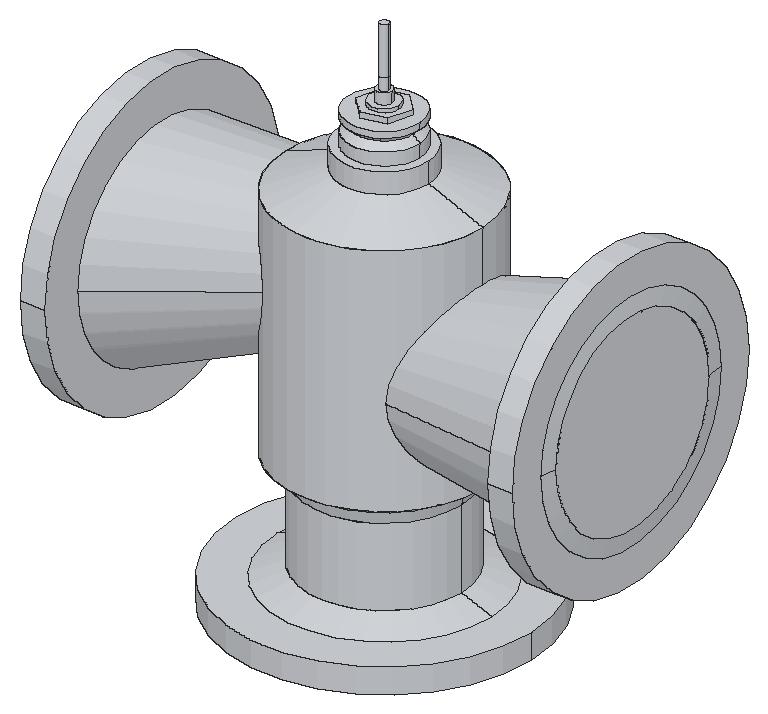
Revit family "3FGB_PN16_DN150_RFA_2018", category Pipe Accessories, Revit 2018
Family settings
  Round Connector Dimension = Use Diameter
  Part Type = Valve - Breaks Into
  Work Plane-Based = No
  Always vertical = Yes
  Cut with Voids When Loaded = No
  Shared = No
Parameters (values of type "3FGB PN16 DN150")
  magiProductId = ""
  magiProductFamilyId = ""
  magiPartTypeId = 320
  isMeasuringValve [instance] = no
  ang2D [instance] = 0.00°
  Z9 = 4.2 mm
  Z8 = 5.7 mm
  Z7 = 3 mm
  Z6 = 6 mm
  Z5 = 6 mm
  Z4 = 12 mm
  Z3 = 225.85 mm
  Z19 = 9.9 mm
  Z18 = 29.25 mm
  Z17 = 4.5 mm
  Z16 = 11.25 mm
  Z15 = 54.95 mm
  Z14__ve = -Z14  # -19.625 mm
  Z14 = 19.625 mm
  Z13 = 10.81 mm
  Z12 = 75.67 mm
  Z11 = 96 mm
  Z10 = 5.1 mm
  Y1 = 85.68 mm
  X4 = 23.8 mm
  X3 = 38.08 mm
  X2__ve = -X2  # -23.8 mm
  X2 = 23.8 mm
  X1 = 2 mm
  W2D = 150 mm
  VersionID = ""
  Use Minimum Symbol Size [instance] = no
  URL = "www.hydronix.cz"
  Type Comments = "Přírubový; EQM charakteristika ve směru A-AB; PN16; -10~+150°C"
  R9 = 4 mm
  R8 = 10.41 mm
  R7 = 13.88 mm
  R6 = 23.134 mm
  R5 = 27.418 mm
  R4 = 34.272 mm
  R3 = 42.84 mm
  R2 = 77.625 mm
  R13 = 74.52 mm
  R12 = 7.287 mm
  R11 = 14.054 mm
  R10 = 9.369 mm
  R1 = 62.1 mm
  QmdConnectorList = "301;D;302;D;303;D"
  Productdata [instance] = ""
  N = 8
  Manufacturer = "Hydronix"
  Maintenance Zone Under Depth [instance] = 277 mm
  Maintenance Zone Right Depth [instance] = 240 mm
  Maintenance Zone Over Depth [instance] = 262 mm
  Maintenance Zone Left Depth [instance] = 240 mm
  Maintenance Zone Front Depth [instance] = 142.5 mm
  Maintenance Zone Back Depth [instance] = 142.5 mm
  Maintenance Zone Front Visibility [instance] = no
  MT = 2
  MC Product Code = "3FGB150 (DN150; PN16; kvs300)"
  MC = yes
  LT2 = 240 mm
  L2D_Min = 30.48 mm
  L2D = 480 mm
  L = 480 mm
  HD = 22 mm
  HCDT2 = 103.5 mm
  HCD = 240 mm
  H4 = 240 mm
  H3 = 157 mm
  H2 = 45 mm
  H1 = 217 mm
  FDT2 = 142.5 mm
  FD = 285 mm
  Description = "3 cestný regulační ventil přírubový; DN150; PN16; kvs300; zdvih 45mm"
  DT2 = 75 mm
  D4 = 92.65 mm
  D3 = 109 mm
  D2 = 95.2 mm
  D = 150 mm
  CenSd_R6_6 = R6 * cos(30.00°)  # 20.034 mm
  Clearance Zone Height Depth [instance] = 262 mm
  Clearance Zone Circular Radius [instance] = 240 mm
  Clearance Zone Visibility [instance] = no
  CAT0 = yes
  CAT = no
  Assembly Code = ""
  A1 = 180.68 mm
Types (5, lengths in mm): name | Z9 | Z8 | Z6 | Z5 | Z4 | Z3 | Z19 | Z18 | Z17 | Z16 | Z15 | Z14__ve | Z14 | Z13 | Z12 | Z11 | Z10 | Y1 | X4 | X3 | X2__ve | X2 | W2D | R8 | R7 | R6 | R5 | R4 | R3 | R2 | R13 | R12 | R11 | R10 | R1 | N | Maintenance Zone Under Depth | Maintenance Zone Right Depth | Maintenance Zone Over Depth | Maintenance Zone Left Depth | Maintenance Zone Front Depth | Maintenance Zone Back Depth | MC Product Code | LT2 | L2D | L | HD | HCDT2 | HCD | H4 | H3 | H2 | H1 | FDT2 | FD | Description | DT2 | D4 | D3 | D2 | D | CenSd_R6_6 | Clearance Zone Height Depth | Clearance Zone Circular Radius | A1
  3FGB PN16 DN100 | 4.165 | 5.602 | 5.95 | 5.95 | 11.9 | 166.225 | 9.767 | 29.25 | 4.5 | 11.25 | 40.775 | -14.562 | 14.562 | 7.885 | 55.195 | 72 | 5.082 | 62.28 | 17.3 | 27.68 | -17.3 | 17.3 | 100 | 7.567 | 10.089 | 16.816 | 19.93 | 24.912 | 31.14 | 57.375 | 55.08 | 5.297 | 10.215 | 6.81 | 45.9 | 8 | 207 | 175 | 221 | 175 | 110 | 110 | "3FGB100 (DN100; PN16; kvs130)" | 175 | 350 | 350 | 18 | 76.5 | 180 | 175 | 116.5 | 45 | 176 | 110 | 220 | "3 cestný regulační ventil přírubový; DN100; PN16; kvs130; zdvih 45mm" | 50 | 68.85 | 81 | 69.2 | 100 | 14.563 | 221 | 175 | 132.98
  3FGB PN16 DN125 | 4.2 | 5.7 | 6 | 6 | 12 | 194.35 | 9.9 | 29.25 | 4.5 | 11.25 | 48.65 | -17.375 | 17.375 | 9.01 | 63.07 | 84 | 5.1 | 71.28 | 19.8 | 31.68 | -19.8 | 19.8 | 125 | 8.661 | 11.547 | 19.246 | 22.81 | 28.512 | 35.64 | 68.625 | 65.88 | 6.062 | 11.692 | 7.794 | 54.9 | 8 | 234 | 200 | 244 | 200 | 125 | 125 | "3FGB125 (DN125; PN16; kvs200)" | 200 | 400 | 400 | 18 | 91.5 | 210 | 200 | 139 | 45 | 199 | 125 | 250 | "3 cestný regulační ventil přírubový; DN125; PN16; kvs200; zdvih 45mm" | 62.5 | 81.6 | 96 | 79.2 | 125 | 16.667 | 244 | 200 | 155.48
  3FGB PN16 DN150 | 4.2 | 5.7 | 6 | 6 | 12 | 225.85 | 9.9 | 29.25 | 4.5 | 11.25 | 54.95 | -19.625 | 19.625 | 10.81 | 75.67 | 96 | 5.1 | 85.68 | 23.8 | 38.08 | -23.8 | 23.8 | 150 | 10.41 | 13.88 | 23.134 | 27.418 | 34.272 | 42.84 | 77.625 | 74.52 | 7.287 | 14.054 | 9.369 | 62.1 | 8 | 277 | 240 | 262 | 240 | 142.5 | 142.5 | "3FGB150 (DN150; PN16; kvs300)" | 240 | 480 | 480 | 22 | 103.5 | 240 | 240 | 157 | 45 | 217 | 142.5 | 285 | "3 cestný regulační ventil přírubový; DN150; PN16; kvs300; zdvih 45mm" | 75 | 92.65 | 109 | 95.2 | 150 | 20.034 | 262 | 240 | 180.68
  3FGB PN16 DN065 | 4.2 | 5.7 | 6 | 6 | 12 | 136.6 | 9.9 | 16.25 | 2.5 | 6.25 | 33.25 | -11.875 | 11.875 | 6.535 | 45.745 | 58 | 5.1 | 51.48 | 14.3 | 22.88 | -14.3 | 14.3 | 65 | 6.255 | 8.34 | 13.9 | 16.474 | 20.592 | 25.74 | 44.25 | 42.48 | 4.378 | 8.444 | 5.629 | 35.4 | 4 | 175 | 145 | 180 | 145 | 92.5 | 92.5 | "3FGB65 (DN65; PN16; kvs63)" | 145 | 290 | 290 | 18 | 59 | 145 | 145 | 95 | 25 | 155 | 92.5 | 185 | "3 cestný regulační ventil přírubový; DN65; PN16; kvs63; zdvih 25mm" | 32.5 | 53.975 | 63.5 | 57.2 | 65 | 12.037 | 180 | 145 | 109.28
  3FGB PN16 DN080 | 4.2 | 5.7 | 6 | 6 | 12 | 148.6 | 9.9 | 29.25 | 4.5 | 11.25 | 36.75 | -13.125 | 13.125 | 6.985 | 48.895 | 64 | 5.1 | 55.08 | 15.3 | 24.48 | -15.3 | 15.3 | 80 | 6.692 | 8.923 | 14.872 | 17.626 | 22.032 | 27.54 | 49.875 | 47.88 | 4.685 | 9.034 | 6.023 | 39.9 | 4 | 187 | 155 | 210 | 155 | 100 | 100 | "3FGB80 (DN80; PN16; kvs100)" | 155 | 310 | 310 | 18 | 66.5 | 160 | 155 | 105 | 45 | 165 | 100 | 200 | "3 cestný regulační ventil přírubový; DN80; PN16; kvs100; zdvih 45mm" | 40 | 60.35 | 71 | 61.2 | 80 | 12.879 | 210 | 155 | 118.88
Reference planes
  plane 1 "Center (Front/Back)": y = 0
  plane 2 "XYPLANE": z = 0
  plane 3 "Center (Left/Right)": x = 0
  plane 4 "227": z = -277
  plane 5 "226": y = 142.5
  plane 6 "225": y = -142.5
  plane 7 "224": x = 240
  plane 8 "223": x = -240
  plane 9 "222": z = 262
  plane 10 "182": z = 217
  plane 11 "161": z = 205
  plane 12 "158": z = 199.3
  plane 13 "150": z = 195.1
  plane 14 "148": z = 192.1
  plane 15 "142": z = 187
  plane 16 "136": z = 181
  plane 17 "135": z = 175
  plane 18 "131": z = 169
  plane 19 "78": z = 117.75
  plane 20 "77": z = 137.375
  plane 21 "74": z = 157
  plane 22 "70": z = -108.1
  plane 23 "65": z = -118.91
  plane 24 "64": z = -129.72
  plane 25 "58": z = -205.39
  plane 26 "57": z = -216.2
  plane 27 "46": z = -240
  plane 28 "28": x = 214.2
  plane 29 "27": x = 238
  plane 30 "21": z = -20
  plane 31 "16": z = 54.95
  plane 32 "13": x = -214.2
  plane 33 "7": x = -238
  plane 34 "6": x = 240
  plane 35 "5": x = -240
  plane 36 "3": y = 0
  plane 37 "2": z = 0
  plane 38 "1": x = 0
Forms (mm)
  Extrusion 1, solid, visible <- "Clearance Zone Visibility"
    sketch origin (-750, 0, 0) x (1, 0, 0) y (0, 1, 0)
      loop
        circle (750, 0) r 240
    from 0 to 262 <- "Clearance Zone Height Depth"
  Blend 2, solid, visible <- "Maintenance Zone Front Visibility"
    base sketch origin (-750, 0, 262) x (1, 0, 0) y (0, 1, 0)
      loop
        line (510, 142.5) -> (510, -142.5) -> (990, -142.5) -> (990, 142.5) -> (510, 142.5)
    top sketch origin (-750, 0, 262) x (1, 0, 0) y (0, 1, 0)
      loop
        line (510, 142.5) -> (510, -142.5) -> (990, -142.5) -> (990, 142.5) -> (510, 142.5)
    from 0 to -539
  Extrusion 3, solid
    sketch origin (-750, 0, 195.1) x (1, 0, 0) y (0, 1, 0)
      loop
        circle (750, 0) r 7.287
    from 0 to 9.9 <- "Z19"
  Extrusion 4, solid
    sketch origin (-750, 0, 217) x (1, 0, 0) y (0, 1, 0)
      loop
        circle (750, 0) r 4
    from 0 to 45 <- "H2"
  Extrusion 5, solid
    sketch origin (-750, 0, 205) x (1, 0, 0) y (0, 1, 0)
      loop
        circle (750, 0) r 4
    from 0 to 12 <- "Z4"
  Extrusion 6, solid
    sketch origin (-750, 0, 192.1) x (1, 0, 0) y (0, 1, 0)
      loop
        circle (750, 0) r 13.88
    from 0 to 3 <- "Z7"
  Extrusion 7, solid
    sketch origin (-750, 0, 187) x (1, 0, 0) y (0, 1, 0)
      loop
        line (766.358, -16.358) -> (772.345, 5.987) -> (755.987, 22.345) -> (733.642, 16.358) -> (727.655, -5.987) -> (744.013, -22.345) -> (766.358, -16.358)
    from 0 to 5.1 <- "Z10"
  Extrusion 8, solid
    sketch origin (-750, 0, 181) x (1, 0, 0) y (0, 1, 0)
      loop
        circle (750, 0) r 34.272
    from 0 to 6 <- "Z6"
  Blend 9, solid
    base sketch origin (-750, 0, 175) x (1, 0, 0) y (0, 1, 0)
      loop
        circle (750, 0) r 27.418
    top sketch origin (-750, 0, 175) x (1, 0, 0) y (0, 1, 0)
      loop
        circle (750, 0) r 34.272
    from 0 to 6
  Blend 10, solid
    base sketch origin (-750, 0, 169) x (1, 0, 0) y (0, 1, 0)
      loop
        circle (750, 0) r 34.272
    top sketch origin (-750, 0, 169) x (1, 0, 0) y (0, 1, 0)
      loop
        circle (750, 0) r 27.418
    from 0 to 6
  Extrusion 11, solid
    sketch origin (-750, 0, 157) x (1, 0, 0) y (0, 1, 0)
      loop
        circle (750, 0) r 34.272
    from 0 to 12 <- "Z4"
  Extrusion 12, solid
    sketch origin (-750, 0, 157) x (1, 0, 0) y (0, 1, 0)
      loop
        circle (750, 0) r 42.84
    from 0 to -19.625 <- "Z14__ve"
  Blend 13, solid
    base sketch origin (-750, 0, 117.75) x (1, 0, 0) y (0, 1, 0)
      loop
        circle (750, 0) r 95.2
    top sketch origin (-750, 0, 117.75) x (1, 0, 0) y (0, 1, 0)
      loop
        circle (750, 0) r 42.84
    from 0 to 19.625
  Blend 14, solid
    base sketch origin (-750, 0, -118.91) x (1, 0, 0) y (0, 1, 0)
      loop
        circle (750, 0) r 77.625
    top sketch origin (-750, 0, -118.91) x (1, 0, 0) y (0, 1, 0)
      loop
        circle (750, 0) r 95.2
    from 0 to 10.81
  Blend 15, solid
    base sketch origin (-750, 0, -129.72) x (1, 0, 0) y (0, 1, 0)
      loop
        circle (750, 0) r 74.52
    top sketch origin (-750, 0, -129.72) x (1, 0, 0) y (0, 1, 0)
      loop
        circle (750, 0) r 77.625
    from 0 to 10.81
  Extrusion 16, solid
    sketch origin (-750, 0, -205.39) x (1, 0, 0) y (0, 1, 0)
      loop
        circle (750, 0) r 74.52
    from 0 to 75.67 <- "Z12"
  Blend 17, solid
    base sketch origin (-750, 0, -216.2) x (1, 0, 0) y (0, 1, 0)
      loop
        circle (750, 0) r 103.5
    top sketch origin (-750, 0, -216.2) x (1, 0, 0) y (0, 1, 0)
      loop
        circle (750, 0) r 74.52
    from 0 to 10.81
  Extrusion 18, solid
    sketch origin (-750, 0, -240) x (1, 0, 0) y (0, 1, 0)
      loop
        circle (750, 0) r 142.5
    from 0 to 23.8 <- "X4"
  Blend 19, solid
    base sketch origin (238, -750, 0) x (0, 1, 0) y (0, 0, 1)
      loop
        circle (750, 0) r 109
    top sketch origin (238, -750, 0) x (0, 1, 0) y (0, 0, 1)
      loop
        circle (750, 0) r 92.65
    from 0 to 2
  Blend 20, solid
    base sketch origin (-240, -750, 0) x (0, 1, 0) y (0, 0, 1)
      loop
        circle (750, 0) r 92.65
    top sketch origin (-240, -750, 0) x (0, 1, 0) y (0, 0, 1)
      loop
        circle (750, 0) r 109
    from 0 to 2
  Extrusion 21, solid
    sketch origin (238, -750, 0) x (0, 1, 0) y (0, 0, 1)
      loop
        circle (750, 0) r 142.5
    from 0 to -23.8 <- "X2__ve"
  Blend 22, solid
    base sketch origin (0, -750, 0) x (0, 1, 0) y (0, 0, 1)
      loop
        circle (750, -20) r 62.1
    top sketch origin (0, -750, 0) x (0, 1, 0) y (0, 0, 1)
      loop
        circle (750, 0) r 103.5
    from 0 to 214.2
  Extrusion 23, solid
    sketch origin (-750, 0, -108.1) x (1, 0, 0) y (0, 1, 0)
      loop
        circle (750, 0) r 95.2
    from 0 to 225.85 <- "Z3"
  Blend 24, solid
    base sketch origin (-214.2, -750, 0) x (0, 1, 0) y (0, 0, 1)
      loop
        circle (750, 0) r 103.5
    top sketch origin (-214.2, -750, 0) x (0, 1, 0) y (0, 0, 1)
      loop
        circle (750, 54.95) r 62.1
    from 0 to 214.2
  Extrusion 25, solid
    sketch origin (-238, -750, 0) x (0, 1, 0) y (0, 0, 1)
      loop
        circle (750, 0) r 142.5
    from 0 to 23.8 <- "X2"
  Extrusion 26, solid, not visible
    sketch origin (-750, 0, -240) x (1, 0, 0) y (0, 1, 0)
      loop
        circle (750, 0) r 10
    from 0 to 10
  Extrusion 27, solid, not visible
    sketch origin (240, -750, 0) x (0, 1, 0) y (0, 0, 1)
      loop
        circle (750, 0) r 10
    from 0 to -10
  Extrusion 28, solid, not visible
    sketch origin (-240, -750, 0) x (0, 1, 0) y (0, 0, 1)
      loop
        circle (750, 0) r 10
    from 0 to 10
Lines and regions (mm)
  reference lines, not visible
    curve 1: circle (2, 2, 0) r 1 normal (0, 0, 1)
  reference lines
    curve 2: line (0, 0, 187) -> (2.176, 8.121, 187)
    curve 3: line (0, 0, 187) -> (-5.945, 5.945, 187)
    curve 4: line (0, 0, 187) -> (-8.121, -2.176, 187)
Dimensions and locks
  plane 1 "Center (Front/Back)" to curve 1 = 2 mm
  "Maintenance Zone Under Depth": plane 2 "XYPLANE" to plane 4 "227"
  "Maintenance Zone Back Depth": plane 1 "Center (Front/Back)" to plane 5 "226"
  "Maintenance Zone Front Depth": plane 1 "Center (Front/Back)" to plane 6 "225"
  "Maintenance Zone Right Depth": plane 3 "Center (Left/Right)" to plane 7 "224"
  "Maintenance Zone Left Depth": plane 3 "Center (Left/Right)" to plane 8 "223"
  "Maintenance Zone Over Depth": plane 2 "XYPLANE" to plane 9 "222"
  "Z4": plane 11 "161" to plane 10 "182"
  "Z8": plane 12 "158" to plane 11 "161"
  "Z9": plane 13 "150" to plane 12 "158"
  "Z7": plane 14 "148" to plane 13 "150"
  "Z10": plane 15 "142" to plane 14 "148"
  "Z6": plane 16 "136" to plane 15 "142"
  "Z5": plane 17 "135" to plane 16 "136"
  "Z5": plane 18 "131" to plane 17 "135"
  "Z4": plane 21 "74" to plane 18 "131"
  "Z14": plane 20 "77" to plane 19 "78"
  "Z14": plane 21 "74" to plane 20 "77"
  "H3": plane 2 "XYPLANE" to plane 21 "74"
  "Z13": plane 23 "65" to plane 22 "70"
  "Z13": plane 24 "64" to plane 23 "65"
  "Z12": plane 25 "58" to plane 24 "64"
  "Z13": plane 26 "57" to plane 25 "58"
  "X4": plane 27 "46" to plane 26 "57"
  "H4": plane 2 "XYPLANE" to plane 27 "46"
  "X2": plane 29 "27" to plane 28 "28"
  "X1": plane 34 "6" to plane 29 "27"
  locked: plane 37 "2" to plane 30 "21" at 20
  "Z15": plane 37 "2" to plane 31 "16"
  "X2": plane 33 "7" to plane 32 "13"
  "X1": plane 35 "5" to plane 33 "7"
  "LT2": plane 3 "Center (Left/Right)" to plane 34 "6"
  "LT2": plane 3 "Center (Left/Right)" to plane 35 "5"
  locked: plane 1 "Center (Front/Back)" to plane 36 "3"
  locked: plane 2 "XYPLANE" to plane 37 "2"
  locked: plane 3 "Center (Left/Right)" to plane 38 "1"
  Blend 2 sketch curve to Blend 2 sketch curve = 0 mm  (x16)
  "CenSd_R6_6": curve 2 to Extrusion 7 sketch curve  (x2)
  "CenSd_R6_6": curve 3 to Extrusion 7 sketch curve  (x2)
  "CenSd_R6_6": curve 4 to Extrusion 7 sketch curve  (x2)
  Extrusion 7 sketch curve to Extrusion 7 sketch curve = 0 mm  (x12)
  "Clearance Zone Circular Radius": radius of Extrusion 1 sketch curve
  "R12": radius of Extrusion 3 sketch curve
  "R9": radius of Extrusion 4 sketch curve
  "R9": radius of Extrusion 5 sketch curve
  "R7": radius of Extrusion 6 sketch curve
  "R4": radius of Extrusion 8 sketch curve
  "R4": radius of Blend 9 sketch curve
  "R5": radius of Blend 9 sketch curve
  "R5": radius of Blend 10 sketch curve
  "R4": radius of Blend 10 sketch curve
  "R4": radius of Extrusion 11 sketch curve
  "R3": radius of Extrusion 12 sketch curve
  "R3": radius of Blend 13 sketch curve
  "D2": radius of Blend 13 sketch curve
  "D2": radius of Blend 14 sketch curve
  "R2": radius of Blend 14 sketch curve
  "R2": radius of Blend 15 sketch curve
  "R13": radius of Blend 15 sketch curve
  "R13": radius of Extrusion 16 sketch curve
  "R13": radius of Blend 17 sketch curve
  "HCDT2": radius of Blend 17 sketch curve
  "FDT2": radius of Extrusion 18 sketch curve
  "D4": radius of Blend 19 sketch curve
  "D3": radius of Blend 19 sketch curve
  "D3": radius of Blend 20 sketch curve
  "D4": radius of Blend 20 sketch curve
  "FDT2": radius of Extrusion 21 sketch curve
  "HCDT2": radius of Blend 22 sketch curve
  "R1": radius of Blend 22 sketch curve
  "D2": radius of Extrusion 23 sketch curve
  "R1": radius of Blend 24 sketch curve
  "HCDT2": radius of Blend 24 sketch curve
  "FDT2": radius of Extrusion 25 sketch curve
  locked: curve 3 to curve 2 (angle 60.00°)
  locked: curve 4 to curve 3 (angle 60.00°)
  locked: curve 4 to curve 2 (angle 120.00°)
  aligned and locked: level to plane 2 "XYPLANE"
  aligned and locked: plane 36 "3" to Extrusion 1 sketch curve
  aligned and locked: plane 38 "1" to Extrusion 1 sketch curve
  aligned and locked: Blend 2 sketch curve to plane 8 "223"  (x2)
  aligned and locked: plane 5 "226" to Blend 2 sketch curve  (x4)
  aligned and locked: plane 6 "225" to Blend 2 sketch curve  (x4)
  aligned and locked: plane 8 "223" to Blend 2 sketch curve  (x2)
  aligned and locked: plane 7 "224" to Blend 2 sketch curve  (x4)
  aligned and locked: Blend 2 to plane 4 "227"
  aligned and locked: plane 36 "3" to Extrusion 3 sketch curve
  aligned and locked: plane 38 "1" to Extrusion 3 sketch curve
  aligned and locked: plane 36 "3" to Extrusion 4 sketch curve
  aligned and locked: plane 38 "1" to Extrusion 4 sketch curve
  aligned and locked: plane 36 "3" to Extrusion 5 sketch curve
  aligned and locked: plane 38 "1" to Extrusion 5 sketch curve
  aligned and locked: plane 36 "3" to Extrusion 6 sketch curve
  aligned and locked: plane 38 "1" to Extrusion 6 sketch curve
  aligned and locked: plane 36 "3" to curve 3
  aligned and locked: plane 38 "1" to curve 4
  aligned and locked: plane 36 "3" to Extrusion 8 sketch curve
  aligned and locked: plane 38 "1" to Extrusion 8 sketch curve
  aligned and locked: plane 36 "3" to Blend 9 sketch curve  (x2)
  aligned and locked: plane 38 "1" to Blend 9 sketch curve  (x2)
  aligned and locked: plane 16 "136" to Blend 9
  aligned and locked: plane 36 "3" to Blend 10 sketch curve  (x2)
  aligned and locked: plane 38 "1" to Blend 10 sketch curve  (x2)
  aligned and locked: plane 17 "135" to Blend 10
  aligned and locked: plane 36 "3" to Extrusion 11 sketch curve
  aligned and locked: plane 38 "1" to Extrusion 11 sketch curve
  aligned and locked: plane 36 "3" to Extrusion 12 sketch curve
  aligned and locked: plane 38 "1" to Extrusion 12 sketch curve
  aligned and locked: plane 36 "3" to Blend 13 sketch curve  (x2)
  aligned and locked: plane 38 "1" to Blend 13 sketch curve  (x2)
  aligned and locked: plane 20 "77" to Blend 13
  aligned and locked: plane 36 "3" to Blend 14 sketch curve  (x2)
  aligned and locked: plane 38 "1" to Blend 14 sketch curve  (x2)
  aligned and locked: plane 22 "70" to Blend 14
  aligned and locked: plane 36 "3" to Blend 15 sketch curve  (x2)
  aligned and locked: plane 38 "1" to Blend 15 sketch curve  (x2)
  aligned and locked: plane 23 "65" to Blend 15
  aligned and locked: plane 36 "3" to Extrusion 16 sketch curve
  aligned and locked: plane 38 "1" to Extrusion 16 sketch curve
  aligned and locked: plane 36 "3" to Blend 17 sketch curve  (x2)
  aligned and locked: plane 38 "1" to Blend 17 sketch curve  (x2)
  aligned and locked: plane 25 "58" to Blend 17
  aligned and locked: plane 36 "3" to Extrusion 18 sketch curve
  aligned and locked: plane 38 "1" to Extrusion 18 sketch curve
  aligned and locked: Blend 19 sketch curve to plane 36 "3"  (x2)
  aligned and locked: plane 37 "2" to Blend 19 sketch curve  (x2)
  aligned and locked: plane 34 "6" to Blend 19
  aligned and locked: Blend 20 sketch curve to plane 36 "3"  (x2)
  aligned and locked: plane 37 "2" to Blend 20 sketch curve  (x2)
  aligned and locked: plane 33 "7" to Blend 20
  aligned and locked: Extrusion 21 sketch curve to plane 36 "3"
  aligned and locked: plane 37 "2" to Extrusion 21 sketch curve
  aligned and locked: Blend 22 sketch curve to plane 36 "3"  (x2)
  aligned and locked: plane 37 "2" to Blend 22 sketch curve
  aligned and locked: plane 30 "21" to Blend 22 sketch curve
  aligned and locked: plane 28 "28" to Blend 22
  aligned and locked: plane 36 "3" to Extrusion 23 sketch curve
  aligned and locked: plane 38 "1" to Extrusion 23 sketch curve
  aligned and locked: plane 31 "16" to Blend 24 sketch curve
  aligned and locked: plane 36 "3" to Blend 24 sketch curve
  aligned and locked: Blend 24 sketch curve to plane 36 "3"
  aligned and locked: plane 37 "2" to Blend 24 sketch curve
  aligned and locked: plane 38 "1" to Blend 24
  aligned and locked: Extrusion 25 sketch curve to plane 36 "3"
  aligned and locked: plane 37 "2" to Extrusion 25 sketch curve
  aligned and locked: plane 36 "3" to Extrusion 26 sketch curve
  aligned and locked: plane 38 "1" to Extrusion 26 sketch curve
  aligned and locked: Extrusion 27 sketch curve to plane 36 "3"
  aligned and locked: plane 37 "2" to Extrusion 27 sketch curve
  aligned and locked: Extrusion 28 sketch curve to plane 36 "3"
  aligned and locked: plane 37 "2" to Extrusion 28 sketch curve
Automatic sketch dimensions
  plane 1 "Center (Front/Back)" to curve 4 = 2.176 mm
  plane 1 "Center (Front/Back)" to Extrusion 26 sketch curve = 10 mm
  plane 1 "Center (Front/Back)" to Extrusion 27 sketch curve = 10 mm
  plane 1 "Center (Front/Back)" to Extrusion 28 sketch curve = 10 mm
  plane 3 "Center (Left/Right)" to curve 1 = 2 mm
  radius of curve 1 = 1 mm
Connectors
  piping at (-240, 0, 0), diameter 150, driven by "D"
    settings: on Extrusion 28, index 1, connector inside diameter 609.6 mm, connector length 0 mm, flow factor 0, pipe flow 0.0 L/s, pressure drop 0.0 Pa, fitting loss kfactor 0, connector angle 0.00°, fixture units 0, engagement length 0 mm, angle of deflection 0.00°, flow configuration 0, flow direction 0, fitting loss method 0, system type 29, joint type 0, gender type 0, connector reference index -1, connector utility 0, adjustable connector yes, is connector primary yes, connector description ""
  piping at (240, 0, 0), diameter 150, driven by "D"
    settings: on Extrusion 27, index 2, connector inside diameter 609.6 mm, connector length 0 mm, flow factor 0, pipe flow 0.0 L/s, pressure drop 0.0 Pa, fitting loss kfactor 0, connector angle 0.00°, fixture units 0, engagement length 0 mm, angle of deflection 0.00°, flow configuration 0, flow direction 0, fitting loss method 0, system type 29, joint type 0, gender type 0, connector reference index -1, connector utility 0, adjustable connector yes, is connector primary no, connector description ""
  piping at (0, 0, -240), diameter 150, driven by "D"
    settings: on Extrusion 26, index 3, connector inside diameter 609.6 mm, connector length 0 mm, flow factor 0, pipe flow 0.0 L/s, pressure drop 0.0 Pa, fitting loss kfactor 0, connector angle 0.00°, fixture units 0, engagement length 0 mm, angle of deflection 0.00°, flow configuration 0, flow direction 0, fitting loss method 0, system type 29, joint type 0, gender type 0, connector reference index -1, connector utility 0, adjustable connector yes, is connector primary no, connector description ""
